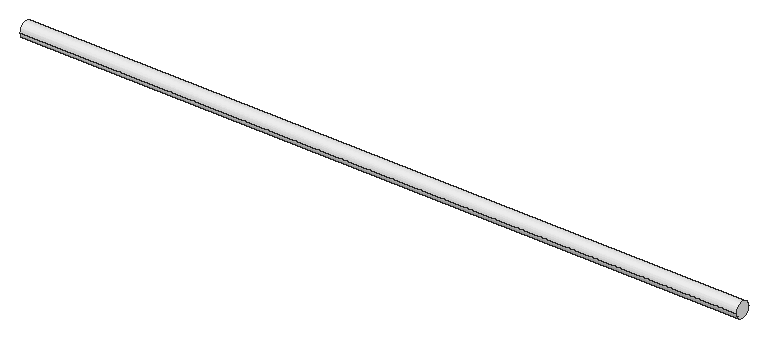
Revit family
Parameters (values of type "25mm")
  Start Extension Calculation [instance] = 3012.5 mm + Start Extension  # 3000 mm
  Start Extension [instance] = -12.5 mm
  Length [instance] = 1500 mm
  d = 25 mm
  End Extension Calculation [instance] = 3012.5 mm + End Extension  # 3000 mm
  End Extension [instance] = -12.5 mm
  Beam Material [instance] = Metal - Steel - 345 MPa
Reference planes
  plane 1 "Center (Front/Back)": y = 0
  plane 2: z = 0
  plane 3 "Center (Left/Right)": x = 4.61
  plane 4 "Member Left": x = -604.99
  plane 5 "Member Right": x = 614.21
  plane 6: y = 12.5
  plane 7: y = -12.5
  plane 8 "Top": z = 12.5
  plane 9: z = -12.5
  plane 10 "Left": x = -757.39
  plane 11 "Right": x = 742.61
  plane 12: x = -604.99
  plane 13: x = 614.21
  plane 14: x = 2395.01
  plane 15: x = -2385.79
Forms (mm)
  Extrusion 1, solid, material "Metal - Steel - 345 MPa" <- "Beam Material", detail levels medium+fine
    sketch origin (4.61, 0, 0) x (0, 1, 0) y (0, 0, 1)
      loop
        circle (0, 0) r 12.5
    from -609.6 to 609.6
Lines and regions (mm)
  symbolic lines, style "Stick Symbols", detail levels coarse
    curve 1: arc (0, 12.5, 0) -> (0, 0, -12.5) -> (0, -12.5, 0) r 12.5
    curve 2: arc (0, -12.5, 0) -> (0, 0, 12.5) -> (0, 12.5, 0) r 12.5
Dimensions and locks
  "d": plane 6 to plane 7
  "d": plane 9 to plane 8 "Top"
  plane 9 to plane 2 to plane 8 "Top" = 12.5 mm, 12.5 mm
  plane 6 to plane 1 "Center (Front/Back)" to plane 7 = 12.5 mm, 12.5 mm
  "Length": plane 10 "Left" to plane 11 "Right"
  plane 4 "Member Left" to plane 14 = 3000 mm
  plane 15 to plane 5 "Member Right" = 3000 mm
  "End Extension Calculation": plane 15 to plane 13
  "Start Extension Calculation": plane 12 to plane 14
  aligned: plane 12 to Extrusion 1
  aligned: Extrusion 1 to plane 13
Automatic sketch dimensions
  Extrusion 1 sketch curve to level = 0 mm
  Extrusion 1 sketch curve to plane 7 = 0 mm
  Extrusion 1 sketch curve to plane 1 "Center (Front/Back)" = 0 mm
  curve 1 to level = 0 mm
  curve 1 to plane 7 = 0 mm
  curve 1 to plane 1 "Center (Front/Back)" = 0 mm
